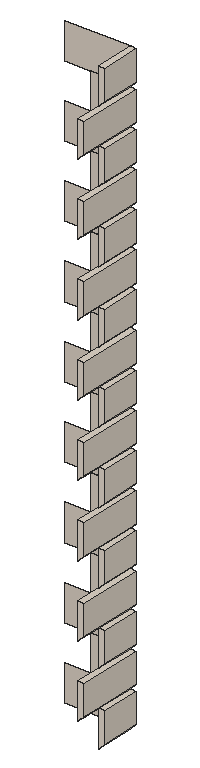
Revit family
Parameters (values of type "Corner Quion Stack")
  Quoin Offset = 25 mm
  Quoin Depth = 300 mm
  No of Quions  1st Line = 9
  No fo Quoins  2nd Line = No of Quions  1st Line - 1  # 8
  No Total Quoins = No of Quions  1st Line + No fo Quoins  2nd Line  # 17
  Material Quoin = Quoin Stone
  Length Short = 330 mm
  Length Long = 550 mm
  Keynote = "F"
  Height of Quoins = Quoin Depth * No Total Quoins  # 5100 mm
Reference planes
  plane 1 "Wall": y = 0
  plane 2 "Center (Left/Right)": x = 125
  plane 3 "Back": y = 350
  plane 4: z = 300
  plane 5: z = 600
  plane 6: z = 5100
Text (mm)
  text "Placement side" at (-1848.837, 1116.779, 0), in view "Ref. Level"
  text "Placement side" at (0, 1409.804, 2854.306), in view "Left"
  text "Placement side" at (0, 499.811, 2980.732), in view "Right"
Dimensions and locks
  locked: plane 3 "Back" to host wall
  "Quoin Depth": level to plane 4
  "Quoin Depth": plane 4 to plane 5
  equal spacing: group 1, group 2, group 3, group 6, group 7, group 10, group 11, group 14, group 15  (x3)
  equal spacing: group 4, group 5, group 8, group 9, group 12, group 13, group 16, group 17  (x3)
  "Height of Quoins": plane 6 to level
  aligned and locked: plane 1 "Wall" to host wall
  aligned and locked: plane 5 to nested 2
  aligned and locked: nested 4 to nested 2
  aligned and locked: plane 4 to nested 4
  aligned and locked: nested 2 to nested 5
Nested families
  nested 1: "UK_External Quoin" at (-305708.333, 0, 0), type "Long Quoin"
  nested 2: "UK_External Quoin" at (-305708.333, 0, 600), type "Long Quoin"
  nested 3: "UK_External Quoin" at (-305708.333, 0, 1200), type "Long Quoin"
  nested 4: "UK_External Quoin" at (-305708.333, 0, 300), type "Short Quoin"
  nested 5: "UK_External Quoin" at (-305708.333, 0, 900), type "Short Quoin"
  nested 6: "UK_External Quoin" at (-305708.333, 0, 1800), type "Long Quoin"
  nested 7: "UK_External Quoin" at (-305708.333, 0, 2400), type "Long Quoin"
  nested 8: "UK_External Quoin" at (-305708.333, 0, 1500), type "Short Quoin"
  nested 9: "UK_External Quoin" at (-305708.333, 0, 2100), type "Short Quoin"
  nested 10: "UK_External Quoin" at (-305708.333, 0, 3000), type "Long Quoin"
  nested 11: "UK_External Quoin" at (-305708.333, 0, 3600), type "Long Quoin"
  nested 12: "UK_External Quoin" at (-305708.333, 0, 2700), type "Short Quoin"
  nested 13: "UK_External Quoin" at (-305708.333, 0, 3300), type "Short Quoin"
  nested 14: "UK_External Quoin" at (-305708.333, 0, 4200), type "Long Quoin"
  nested 15: "UK_External Quoin" at (-305708.333, 0, 4800), type "Long Quoin"
  nested 16: "UK_External Quoin" at (-305708.333, 0, 3900), type "Short Quoin"
  nested 17: "UK_External Quoin" at (-305708.333, 0, 4500), type "Short Quoin"
Definition of nested family "UK_External Quoin"
  Parameters (values of type "Base Even Quoin")
    Material Quion = Quoin Stone
    Length X = 440 mm
    Length Y = 440 mm
    Quoin Depth Z = 600 mm
    Quoin Offset = 25 mm
  Types (5, lengths in mm): name | Length X | Length Y | Quoin Depth Z
    Long Quoin | 550 | 330 | 300
    Short Quoin | 330 | 550 | 300
    Base Quoin | 550 | 330 | 600
    Even Quoin | 440 | 440 | 300
    Base Even Quoin | 440 | 440 | 600
  Reference planes
    plane 1: y = 0
    plane 2 "Center": x = 2593.333
    plane 3: y = 75
    plane 4: x = 3033.333
    plane 5: y = -365
    plane 6: y = 100
    plane 7: x = 3058.333
    plane 8: z = 0
    plane 9: z = 600
    plane 10: x = 2618.333
    plane 11: y = -340
  Forms (mm)
    Extrusion 1, solid, material "Quoin Stone" <- "Material Quion"
      sketch origin (0, 0, 0) x (1, 0, 0) y (0, 1, 0)
        loop
          line (2593.333, 75) -> (3033.333, 75) -> (3033.333, -365) -> (3058.333, -338.685) -> (3058.333, 100) -> (2618.333, 100) -> (2593.333, 75)
      from 0 to 600
    Sweep 2, void
      path origin (3033.333, 75, 600) x (0, -1, 0) y (1, 0, 0)
        loop
          line (440, 25) -> (-25, 25) -> (-25, -440)
      profile origin (0, -132.5, 600) x (-1, 0, 0) y (0, 0, 1)
        loop
          line (-3058.333, 0) -> (-3058.333, -25) -> (-3033.333, 0) -> (-3058.333, 0)
    Sweep 3, void
      path origin (3033.333, 75, 0) x (1, 0, 0) y (0, 1, 0)
        loop
          line (-440, 25) -> (25, 25) -> (25, -440)
      profile origin (2825.833, 0, 0) x (0, 1, 0) y (0, 0, 1)
        loop
          line (100, 0) -> (100, 25) -> (75, 0) -> (100, 0)
  Cuts and joins
    Sweep 2, Sweep 3 cuts Extrusion 1
  Text (mm)
    text "Placement side" at (1856.34, 342.677, 0), in view "Ref. Level"
    text "Placement side" at (0, 2889.834, 3829.384), in view "Left"
    text "Placement side" at (0, 1396.932, 3853.606), in view "Right"
  Dimensions and locks
    "Length X": plane 2 "Center" to plane 4
    "Length Y": plane 5 to plane 3
    "Quoin Offset": plane 3 to plane 6
    "Quoin Offset": plane 4 to plane 7
    "Quoin Depth Z": plane 8 to plane 9
    "Quoin Offset": plane 2 "Center" to plane 10
    "Quoin Offset": plane 5 to plane 11
    "Quoin Offset": Sweep 2 sketch curve to plane 9
    "Quoin Offset": Sweep 3 sketch curve to Sweep 3 sketch curve
    aligned and locked: plane 1 to host wall
    aligned and locked: plane 4 to host wall
    aligned and locked: plane 3 to host wall
    aligned and locked: Extrusion 1 sketch curve to host wall
    aligned and locked: plane 4 to Extrusion 1 sketch curve
    aligned and locked: Extrusion 1 sketch curve to plane 7
    aligned and locked: Extrusion 1 sketch curve to plane 6
    aligned and locked: plane 9 to Extrusion 1
    aligned and locked: Extrusion 1 to plane 8
    aligned and locked: Sweep 2 sketch curve to cut or joined group of Extrusion 1, Sweep 2, Sweep 3  (x2)
    aligned and locked: plane 2 "Center" to Sweep 2 sketch curve
    aligned and locked: plane 5 to Sweep 2 sketch curve
    aligned and locked: plane 4 to Sweep 2 sketch curve
    aligned and locked: Sweep 2 sketch curve to plane 9
    aligned and locked: Sweep 3 sketch curve to cut or joined group of Extrusion 1, Sweep 2, Sweep 3  (x2)
    aligned and locked: plane 2 "Center" to Sweep 3 sketch curve
    aligned and locked: plane 5 to Sweep 3 sketch curve
    aligned and locked: Sweep 3 sketch curve to plane 8
    aligned and locked: Sweep 3 sketch curve to plane 6
  Automatic sketch dimensions
    Extrusion 1 sketch curve to plane 2 "Center" = 0 mm
    Extrusion 1 sketch curve to plane 10 = 0 mm
    Extrusion 1 sketch curve to plane 11 = 1.315 mm
    Extrusion 1 sketch curve to plane 5 = 0 mm
    Sweep 2 sketch curve to profile plane = 0 mm
    profile plane to Sweep 3 sketch curve = 25 mm
